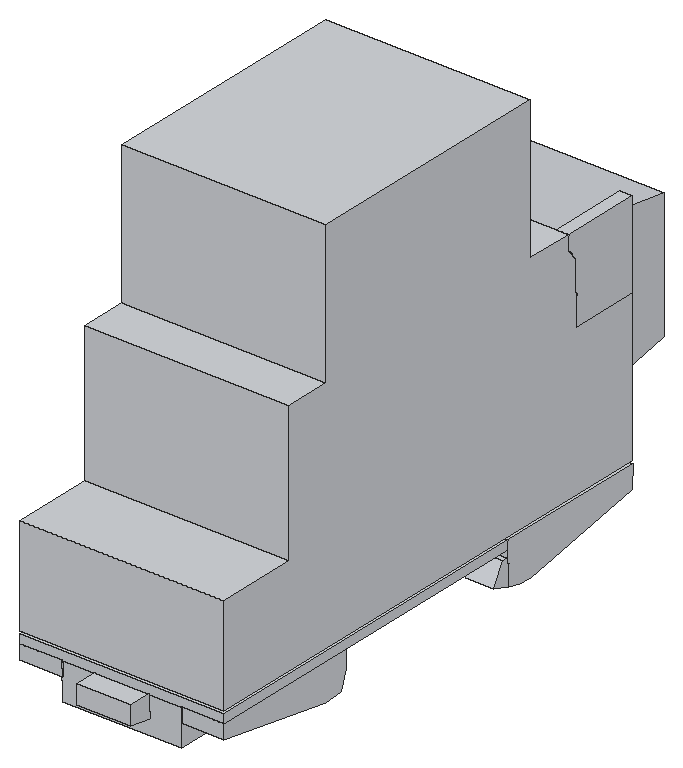
Revit family "Gira_545200", category Electrical Fixtures, host Face, Revit 2017
Family settings
  Host = Face
  Maintain Annotation Orientation = No
  Round Connector Dimension = Use Diameter
  Part Type = Normal
  Cut with Voids When Loaded = No
  Shared = No
  Room Calculation Point = No
Parameters (values of type "WL receiver mod. DRA Gira eNet")
  With switch function = no
  With label area = no
  URL = "https://www.gira.de/"
  Type of voltage (input voltage) = ""
  Type of load = ""
  Type of fastening = ""
  Type Comments = ""
  Transparent = no
  Surface protection = ""
  Surface finishing = ""
  Suitable for degree of protection (IP) = ""
  Suitable for C-load = no
  Serial dimmer = no
  Radio frequent bidirectional = no
  Power boost suitable = no
  Parallel-service possible = no
  Output power [Voltampere] = ""
  Number of outputs = 0
  Number of inputs = 0
  Number of binary inputs = 0
  Nominal voltage [Volt] = ""
  Modulare Erweiterungsmöglichkeit = no
  Model = ""
  Method of operation = ""
  Max. switching power [Voltampere] = 0
  Max. number of venetian-blind outputs = 0
  Max. number of switching contacts = 0
  Material quality = ""
  Material = ""
  Manufacturer = "Gira"
  Local operation/hand operation = no
  Light value memory = no
  Keynote = ""
  Input voltage [Volt] = ""
  HeinzeBIM = "https://www.heinze.de/bim/wl-receiver-mod-dra-gira-enet/9eb5853e0265f447f9b99469d575ccbd5280435d"
  Halogen free = no
  HAN = "545200"
  GTIN = "4010337774303"
  Frequency [Hz] = ""
  Dimming phase cut-on = no
  Dimming phase cut-off = no
  Verschiedene Phasen anschließbar = no
  Description = "WL receiver mod. eNet eNet wireless receiver module,DRA Features: - The eNet wireless reception module is a radio receiver for max. 32 eNet wireless DIN-rail mounting modules. - Operation with power supply. - Integrated antenna. - External antenna can be connected additionally in unfavourable installation conditions.,Notes : - Wireless approval is valid for EU and EFTA countries. - Installation in a distribution box or sub-distribution with a metal housing requires an additional antenna. The additional antenna is to be placed outside the metal housing."
  Default Elevation = 1219.2 mm
  Cost = 0
  Anschlussart = ""
  Colour = ""
  Bus connection included = no
  BIMSITE_PRODUCT_ID = "9eb5853e0265f447f9b99469d575ccbd5280435d"
  BIM = "https://media.live.bim.site/t/eyJhbGciOiJIUzI1NiIsInR5cCI6IkpXVCJ9.eyJjdCI6MSwidGYiOiJwdWJsaWMvZ2lyYS8wOWY1ZGI1L0dpcmEgWDEgUkVHIEtOWC5yZmEiLCJjaWQiOiJmZWQ5OGU5YS0xYmQ4LTRjNjgtYTczYi03NGE5NGUzMTU4MjMiLCJyaWQiOiI1NTllZjM0NDhiYWY4MDU3MTc0YjA3YWM0MjEwNGYxNiIsInBpZCI6IjllYjU4NTNlMDI2NWY0NDdmOWI5OTQ2OWQ1NzVjY2JkNTI4MDQzNWQiLCJzaWQiOiI2MzQ3MCIsInV0Ijo1LCJsYyI6ImVuIiwiaWF0IjoxNjA3NDQyMzMwLCJpc3MiOiJodHRwczovL2FwaS5saXZlLmJpbS5zaXRlIiwic3ViIjoiOGQzYWE1Y2ItZTA2Ni00NTk4LWJlMTYtNmUxNmVlNzQ5NTZhIn0.VFDgY-Qhvh4zQanTH0nsvGPJbbo_GoIyQW156Bihpyo/Gira X1 REG KNX.rfa"
  Zusammenstellung = ""
  Assembly Code = ""
  Applicable with transmission button = no
  Applicable with time switch/timer = no
  Applicable with presence indicator = no
  Applicable with movement sensor = no
  Applicable with infrared button = no
  Applicable with button = no
  App control via Bluetooth = no
Reference planes
  plane 1 "Center (Front/Back)": y = 0
  plane 2: z = 0
  plane 3 "Center (Left/Right)": x = 0
Forms (mm)
  Extrusion 1, solid, detail levels fine
    sketch origin (0, -0.2, 0) x (0, 1, 0) y (0, 0, 1)
      loop
        line (22.65, 43.82) -> (22.65, 68.77) -> (-22.25, 68.77) -> (-22.25, 43.82) -> (-30.4, 43.82) -> (-30.4, 19.42) -> (-44.8, 19.42) -> (-44.8, 1.97) -> (45.192, 1.97) -> (45.192, 28.47) -> (32.925, 28.47) -> (32.831, 39.259) -> (31.225, 41.242) -> (31.225, 43.82) -> (22.65, 43.82)
    from -17.95 to 17.95
  Extrusion 2, solid, detail levels fine
    sketch origin (0, -0.2, 0) x (0, 1, 0) y (0, 0, 1)
      loop
        line (45.192, 43.82) -> (31.225, 43.82) -> (31.225, 41.242) -> (32.831, 39.259) -> (32.925, 28.47) -> (45.192, 28.47) -> (45.192, 43.82)
    from -17.95 to -15.8
  Extrusion 3, solid, detail levels fine
    sketch origin (0, -0.2, 0) x (0, 1, 0) y (0, 0, -1)
      loop
        line (45.192, -43.82) -> (45.192, -28.47) -> (32.925, -28.47) -> (32.831, -39.259) -> (31.225, -41.242) -> (31.225, -43.82) -> (45.192, -43.82)
    from -17.95 to -15.8
  Extrusion 4, solid, detail levels fine
    sketch origin (0, -0.2, 0) x (0, 1, 0) y (0, 0, 1)
      loop
        line (31.5, 42.848) -> (31.5, 40.412)
        arc (31.5, 40.412) -> (38.359, 39.512) -> (45.192, 38.435) r 267
        line (45.192, 38.435) -> (45.192, 14.255)
        arc (45.192, 14.255) -> (50.205, 15.189) -> (55.2, 16.219) r 264.9
        line (55.2, 16.219) -> (55.2, 38.933)
        arc (55.2, 38.933) -> (43.394, 41.159) -> (31.5, 42.848) r 265
    from -15.506 to 15.5
  Extrusion 5, solid, detail levels fine
    sketch origin (0, -0.2, 0) x (0, 1, 0) y (0, 0, 1)
      loop
        line (45.2, 1.5) -> (17.774, 1.5) -> (17.905, -6.017)
        arc (17.905, -6.017) -> (20.285, -6.454) -> (22.7, -6.6) r 20
        arc (22.7, -6.6) -> (33.985, -5.009) -> (45.128, -2.618) r 160
        line (45.128, -2.618) -> (45.2, 1.5)
    from -17.95 to 18
  Extrusion 6, solid, detail levels fine
    sketch origin (0, -0.2, 0) x (0, 1, 0) y (0, 0, 1)
      loop
        line (17.905, -6.017) -> (17.824, -1.4) -> (16.8, -1.4) -> (14.749, -4.952)
        arc (14.749, -4.952) -> (16.305, -5.55) -> (17.905, -6.017) r 20
    from -17.95 to -13
  Extrusion 7, solid, detail levels fine
    sketch origin (0, -0.2, 0) x (0, 1, 0) y (0, 0, -1)
      loop
        arc (17.905, 6.017) -> (16.305, 5.55) -> (14.749, 4.952) r 20
        line (14.749, 4.952) -> (16.8, 1.4) -> (17.824, 1.4) -> (17.905, 6.017)
    from -17.95 to -13
  Extrusion 8, solid, detail levels fine
    sketch origin (0, -0.2, 0) x (0, 1, 0) y (0, 0, 1)
      loop
        line (17.8, 0) -> (17.774, 1.5) -> (-44.8, 1.5) -> (-44.774, 0) -> (17.8, 0)
    from -17.95 to 17.95
  Extrusion 9, solid, detail levels fine
    sketch origin (0, 0, 0) x (0, 1, 0) y (0, 0, 1)
      loop
        line (-48.916, -3.317) -> (-44.906, -3.881) -> (-44.974, 0) -> (-48.916, 0) -> (-48.916, -3.317)
    from -4.803 to 4.797
  Extrusion 10, solid, detail levels fine
    sketch origin (0, 0, 0) x (0, 1, 0) y (0, 0, 1)
      loop
        arc (-22.5, -6.6) -> (-20.811, -6.529) -> (-19.134, -6.315) r 20
        line (-19.134, -6.315) -> (-18.029, -3.279) -> (-18, 0) -> (-44.974, 0) -> (-44.928, -2.618)
        arc (-44.928, -2.618) -> (-33.785, -5.009) -> (-22.5, -6.6) r 160
    from -17.95 to -10.5
  Extrusion 11, solid, detail levels fine
    sketch origin (0, 0, 0) x (0, 1, 0) y (0, 0, -1)
      loop
        arc (-22.5, 6.6) -> (-33.785, 5.009) -> (-44.928, 2.618) r 160
        line (-44.928, 2.618) -> (-44.974, 0) -> (-18, 0) -> (-18.029, 3.279) -> (-19.134, 6.315)
        arc (-19.134, 6.315) -> (-20.811, 6.529) -> (-22.5, 6.6) r 20
    from -17.95 to -10.5
  Extrusion 12, solid, detail levels fine
    sketch origin (0, 0, 0) x (0, 1, 0) y (0, 0, 1)
      loop
        line (-30.708, -6.6) -> (-30.65, 0) -> (-44.974, 0) -> (-44.859, -6.6) -> (-30.708, -6.6)
    from -10.5 to 10.5
  Extrusion 13, solid, detail levels fine
    sketch origin (0, 0, 0) x (1, 0, 0) y (0, 1, 0)
      loop
        circle (-0.003, -20.023) r 1
    from -7.682 to 0
  Extrusion 14, solid, detail levels fine
    sketch origin (0, 0, 0) x (0, 1, 0) y (0, 0, 1)
      loop
        line (-17.523, -0.8) -> (-17.523, 0) -> (-30.65, 0) -> (-30.684, -3.9) -> (-27.106, -3.9) -> (-27.106, -5.6) -> (-19.623, -6.6) -> (-18.03, -6.6) -> (-15.023, -2.682) -> (-15.023, -1.517) -> (-17.523, -0.8)
    from -4.503 to 4.5
  Extrusion 15, solid, detail levels fine
    sketch origin (0, 0, 0) x (1, 0, 0) y (0, 1, 0)
      loop
        line (16.859, 43.848) -> (-16.859, 43.848) -> (-16.859, -43.859) -> (16.859, -43.859) -> (16.859, 43.848)
    from 1.5 to 4
  Extrusion 16, solid, detail levels medium
    sketch origin (0, 0, 0) x (0, 1, 0) y (0, 0, 1)
      loop
        line (22.45, 68.77) -> (-22.45, 68.77) -> (-22.45, 43.82) -> (-30.6, 43.82) -> (-30.6, 19.42) -> (-45, 19.42) -> (-45, 0) -> (-48.916, 0) -> (-48.916, -6.6) -> (-15.023, -6.6) -> (-15.023, 0) -> (14.549, 0) -> (14.549, -6.6) -> (44.992, -6.6) -> (44.992, 14.255)
        arc (44.992, 14.255) -> (50.005, 15.189) -> (55, 16.219) r 264.9
        line (55, 16.219) -> (55, 38.933)
        arc (55, 38.933) -> (50.005, 39.943) -> (44.992, 40.856) r 265
        line (44.992, 40.856) -> (44.992, 43.82) -> (22.45, 43.82) -> (22.45, 68.77)
    from -17.95 to 17.95
  Extrusion 17, solid, detail levels coarse
    sketch origin (0, 0, 0) x (1, 0, 0) y (0, 1, 0)
      loop
        line (-17.95, 55) -> (-17.95, -48.916) -> (17.95, -48.916) -> (17.95, 55) -> (-17.95, 55)
    from -7.682 to 68.77
Dimensions and locks
  aligned and locked: plane 2 to host face
  aligned and locked: level to host face
Connectors
  electrical at (0, -13.687, 0)
    settings: on Extrusion 8, index 1, voltage 24 V, apparent load 0 VA, apparent load phase1 0 VA, apparent load phase2 0 VA, apparent load phase3 0 VA, power factor 1, load classification "Other", number of poles 1, system type 30, power factor state 1, is connector primary yes, connector utility no, sub classification motor no, connector description ""
